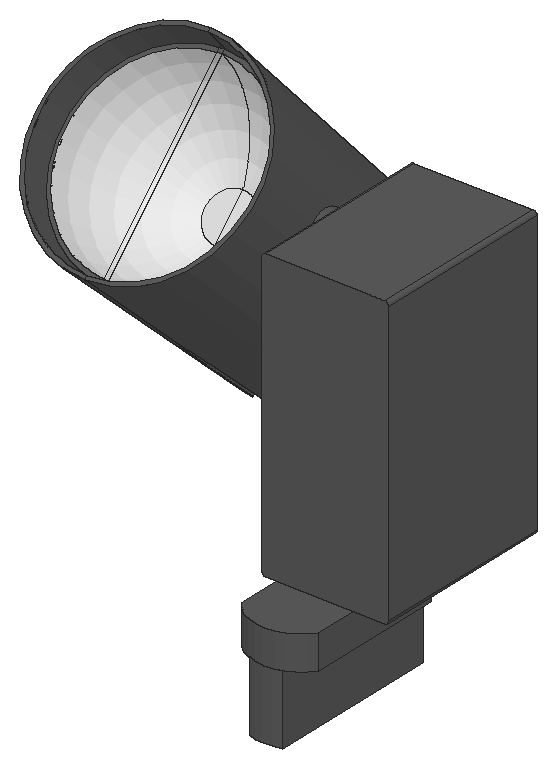
Revit family "0004939 Feilo Sylvania Lighting Fixture START TRACK SPOT S DALI 1262LM 930 MB BLK", category Lighting Fixtures, host Face, Revit 2017 (continued)
Definition of nested family "Start Track Spot Head"
  Types (96, lengths in mm): name | Wattage | built-in parameter 1150134 | Photometric Web File | Model | built-in parameter 1150105 | Lumens | built-in parameter 1150107 | built-in parameter 1150106 | HeadThickness_FEILO | HeadRibOffset_FEILO | HeadRibDepth_FEILO | HeadRibCutWidth_FEILO | HeadRibCutOffset_FEILO | HeadReflectorRadius_FEILO | HeadReflectorOffset_FEILO | HeadLEDRadius_FEILO | HeadHeight_FEILO | HeadDiffusorOffset_FEILO | HeadDiaOut_FEILO | HeadDiaIn_FEILO | HeadAxisFromTop_FEILO | Emit from Circle Diameter | built-in parameter 1150104 | Description | Apparent Load
    0004864 START TRACK SPOT S 24W 3K RA90 WB WHITE | 24 W | (empty or 0) | "0004864.ies" | "START TRACK SPOT S 24W 3K RA90 WB WHITE" | 152.79 (stored number, unit not read) | 1920 lm | 3000 (stored number, unit not read) | 1.5279 (stored number, unit not read) | 1.5 | 4.179 | 55.714 | 7.167 | 50.87 | 50.588 | 55.714 | 9.556 | 117 | 9.435 | 86 | 77.477 | 69.354 | 77.477 | 7.4322 (stored number, unit not read) | "Integrated LED spotlight, Textured White - RAL9016, compact and minimalist design, ideal for retail applications, die-cast aluminium body, passive cooling heatsink. Beam angle: 64°, color temperature: 3000K , total system power: 24W, total fixture output: 1928 lm, LOR: 100%, colour rendering: Ra: 90 typical, LED Chromaticity: 3 step MacAdam ellipse, lifetime: >50000 hours at L70B50, energy class: A++, A+, A, IR/UV free light source without heat radiation, operating voltage: 220-240V / 50-60Hz, drive current: 600mA, electronic driver, non-dimmable, power factor: 0.95, electrical protection: Class II, Global Track 3 Phase adapter suitable for Global trac 3-circuit tracks, ingress protection rating: IP20, suitable for internal environment only, horizontal rotation: 355°, vertical tilt: 90°, dimensions: Ø86x140x200, weight: 0.966kg." | 24 VA
    0004863 START TRACK SPOT S 24W 3K RA90 MB WHITE | 24 W | (empty or 0) | "0004863.ies" | "START TRACK SPOT S 24W 3K RA90 MB WHITE" | 154.7 (stored number, unit not read) | 1944 lm | 3000 (stored number, unit not read) | 1.547 (stored number, unit not read) | 1.5 | 4.179 | 55.714 | 7.167 | 50.87 | 50.588 | 55.714 | 9.556 | 117 | 9.435 | 86 | 77.477 | 69.354 | 77.477 | 7.5251 (stored number, unit not read) | "Integrated LED spotlight, Textured White - RAL9016, compact and minimalist design, ideal for retail applications, die-cast aluminium body, passive cooling heatsink. Beam angle: 36°, color temperature: 3000K , total system power: 24W, total fixture output: 1944 lm, LOR: 100%, colour rendering: Ra: 90 typical, LED Chromaticity: 3 step MacAdam ellipse, lifetime: >50000 hours at L70B50, energy class: A++, A+, A, IR/UV free light source without heat radiation, operating voltage: 220-240V / 50-60Hz, drive current: 600mA, electronic driver, non-dimmable, power factor: 0.95, electrical protection: Class II, Global Track 3 Phase adapter suitable for Global trac 3-circuit tracks, ingress protection rating: IP20, suitable for internal environment only, horizontal rotation: 355°, vertical tilt: 90°, dimensions: Ø86x140x200, weight: 0.966kg." | 24 VA
    0004862 START TRACK SPOT S 24W 3K RA90 NB WHITE | 24 W | (empty or 0) | "0004862.ies" | "START TRACK SPOT S 24W 3K RA90 NB WHITE" | 158.52 (stored number, unit not read) | 1992 lm | 3000 (stored number, unit not read) | 1.5852 (stored number, unit not read) | 1.5 | 4.179 | 55.714 | 7.167 | 50.87 | 50.588 | 55.714 | 9.556 | 117 | 9.435 | 86 | 77.477 | 69.354 | 77.477 | 7.711 (stored number, unit not read) | "Integrated LED spotlight, Textured White - RAL9016, compact and minimalist design, ideal for retail applications, die-cast aluminium body, passive cooling heatsink. Beam angle: 12°, color temperature: 3000K , total system power: 24W, total fixture output: 1987 lm, LOR: 100%, colour rendering: Ra: 90 typical, LED Chromaticity: 3 step MacAdam ellipse, lifetime: >50000 hours at L70B50, energy class: A++, A+, A, IR/UV free light source without heat radiation, operating voltage: 220-240V / 50-60Hz, drive current: 600mA, electronic driver, non-dimmable, power factor: 0.95, electrical protection: Class II, Global Track 3 Phase adapter suitable for Global trac 3-circuit tracks, ingress protection rating: IP20, suitable for internal environment only, horizontal rotation: 355°, vertical tilt: 90°, dimensions: Ø86x140x200, weight: 0.966kg." | 24 VA
    0004861 START TRACK SPOT S 14W 3K RA90 WB WHITE | 14 W | (empty or 0) | "0004861.ies" | "START TRACK SPOT S 14W 3K RA90 WB WHITE" | 100.27 (stored number, unit not read) | 1260 lm | 3000 (stored number, unit not read) | 1.0027 (stored number, unit not read) | 1.5 | 4.179 | 55.714 | 7.167 | 50.87 | 50.588 | 55.714 | 9.556 | 117 | 9.435 | 86 | 77.477 | 69.354 | 77.477 | 8.3613 (stored number, unit not read) | "Integrated LED spotlight, Textured White - RAL9016, compact and minimalist design, ideal for retail applications, die-cast aluminium body, passive cooling heatsink. Beam angle: 64°, color temperature: 3000K , total system power: 14W, total fixture output: 1262 lm, LOR: 100%, colour rendering: Ra: 90 typical, LED Chromaticity: 3 step MacAdam ellipse, lifetime: >50000 hours at L70B50, energy class: A++, A+, A, IR/UV free light source without heat radiation, operating voltage: 220-240V / 50-60Hz, drive current: 350mA, electronic driver, non-dimmable, power factor: 0.92, electrical protection: Class II, Global Track 3 Phase adapter suitable for Global trac 3-circuit tracks, ingress protection rating: IP20, suitable for internal environment only, horizontal rotation: 355°, vertical tilt: 90°, dimensions: Ø86x140x200, weight: 0.940kg." | 14 VA
    0004860 START TRACK SPOT S 14W 3K RA90 MB WHITE | 14 W | (empty or 0) | "0004860.ies" | "START TRACK SPOT S 14W 3K RA90 MB WHITE" | 100.27 (stored number, unit not read) | 1260 lm | 3000 (stored number, unit not read) | 1.0027 (stored number, unit not read) | 1.5 | 4.179 | 55.714 | 7.167 | 50.87 | 50.588 | 55.714 | 9.556 | 117 | 9.435 | 86 | 77.477 | 69.354 | 77.477 | 8.3613 (stored number, unit not read) | "Integrated LED spotlight, Textured White - RAL9016, compact and minimalist design, ideal for retail applications, die-cast aluminium body, passive cooling heatsink. Beam angle: 36°, color temperature: 3000K , total system power: 14W, total fixture output: 1262 lm, LOR: 100%, colour rendering: Ra: 90 typical, LED Chromaticity: 3 step MacAdam ellipse, lifetime: >50000 hours at L70B50, energy class: A++, A+, A, IR/UV free light source without heat radiation, operating voltage: 220-240V / 50-60Hz, drive current: 350mA, electronic driver, non-dimmable, power factor: 0.92, electrical protection: Class II, Global Track 3 Phase adapter suitable for Global trac 3-circuit tracks, ingress protection rating: IP20, suitable for internal environment only, horizontal rotation: 355°, vertical tilt: 90°, dimensions: Ø86x140x200, weight: 0.940kg." | 14 VA
    0004859 START TRACK SPOT S 14W 3K RA90 NB WHITE | 14 W | (empty or 0) | "0004859.ies" | "START TRACK SPOT S 14W 3K RA90 NB WHITE" | 102.5 (stored number, unit not read) | 1288 lm | 3000 (stored number, unit not read) | 1.025 (stored number, unit not read) | 1.5 | 4.179 | 55.714 | 7.167 | 50.87 | 50.588 | 55.714 | 9.556 | 117 | 9.435 | 86 | 77.477 | 69.354 | 77.477 | 8.5471 (stored number, unit not read) | "Integrated LED spotlight, Textured White - RAL9016, compact and minimalist design, ideal for retail applications, die-cast aluminium body, passive cooling heatsink. Beam angle: 12°, color temperature: 3000K , total system power: 14W, total fixture output: 1284 lm, LOR: 100%, colour rendering: Ra: 90 typical, LED Chromaticity: 3 step MacAdam ellipse, lifetime: >50000 hours at L70B50, energy class: A++, A+, A, IR/UV free light source without heat radiation, operating voltage: 220-240V / 50-60Hz, drive current: 350mA, electronic driver, non-dimmable, power factor: 0.92, electrical protection: Class II, Global Track 3 Phase adapter suitable for Global trac 3-circuit tracks, ingress protection rating: IP20, suitable for internal environment only, horizontal rotation: 355°, vertical tilt: 90°, dimensions: Ø86x140x200, weight: 0.940kg." | 14 VA
    0004858 START TRACK SPOT L 55W 4K RA80 WB BLACK | 55 W | 12 | "0004858.ies" | "START TRACK SPOT L 55W 4K RA80 WB BLACK" | 424.55 (stored number, unit not read) | 5335 lm | 4000 (stored number, unit not read) | 4.2455 (stored number, unit not read) | 2 | 4.429 | 59.048 | 9.417 | 53.913 | 66.471 | 59.048 | 12.556 | 124 | 10 | 113 | 101.802 | 73.503 | 101.802 | 9.0116 (stored number, unit not read) | "Integrated LED spotlight, Textured Black - RAL9005, compact and minimalist design, ideal for retail applications, die-cast aluminium body, passive cooling heatsink. Beam angle: 52°, color temperature: 4000K , total system power: 55W, total fixture output: 5320 lm, LOR: 100%, colour rendering: Ra: 80 typical, LED Chromaticity: 3 step MacAdam ellipse, lifetime: >50000 hours at L70B50, energy class: A++, A+, A, IR/UV free light source without heat radiation, operating voltage: 220-240V / 50-60Hz, drive current: 1400mA, electronic driver, non-dimmable, power factor: 0.96, electrical protection: Class II, Global Track 3 Phase adapter suitable for Global trac 3-circuit tracks, ingress protection rating: IP20, suitable for internal environment only, horizontal rotation: 355°, vertical tilt: 90°, dimensions: Ø113x164x240, weight: 1.398kg." | 55 VA
    0004857 START TRACK SPOT L 55W 4K RA80 MB BLACK | 55 W | 12 | "0004857.ies" | "START TRACK SPOT L 55W 4K RA80 MB BLACK" | 428.92 (stored number, unit not read) | 5390 lm | 4000 (stored number, unit not read) | 4.2892 (stored number, unit not read) | 2 | 4.429 | 59.048 | 9.417 | 53.913 | 66.471 | 59.048 | 12.556 | 124 | 10 | 113 | 101.802 | 73.503 | 101.802 | 9.1045 (stored number, unit not read) | "Integrated LED spotlight, Textured Black - RAL9005, compact and minimalist design, ideal for retail applications, die-cast aluminium body, passive cooling heatsink. Beam angle: 38°, color temperature: 4000K , total system power: 55W, total fixture output: 5378 lm, LOR: 100%, colour rendering: Ra: 80 typical, LED Chromaticity: 3 step MacAdam ellipse, lifetime: >50000 hours at L70B50, energy class: A++, A+, A, IR/UV free light source without heat radiation, operating voltage: 220-240V / 50-60Hz, drive current: 1400mA, electronic driver, non-dimmable, power factor: 0.96, electrical protection: Class II, Global Track 3 Phase adapter suitable for Global trac 3-circuit tracks, ingress protection rating: IP20, suitable for internal environment only, horizontal rotation: 355°, vertical tilt: 90°, dimensions: Ø113x164x240, weight: 1.398kg." | 55 VA
    0004856 START TRACK SPOT L 55W 4K RA80 NB BLACK | 55 W | 12 | "0004856.ies" | "START TRACK SPOT L 55W 4K RA80 NB BLACK" | 433.3 (stored number, unit not read) | 5445 lm | 4000 (stored number, unit not read) | 4.333 (stored number, unit not read) | 2 | 4.429 | 59.048 | 9.417 | 53.913 | 66.471 | 59.048 | 12.556 | 124 | 10 | 113 | 101.802 | 73.503 | 101.802 | 9.1974 (stored number, unit not read) | "Integrated LED spotlight, Textured Black - RAL9005, compact and minimalist design, ideal for retail applications, die-cast aluminium body, passive cooling heatsink. Beam angle: 15°, color temperature: 4000K , total system power: 55W, total fixture output: 5426 lm, LOR: 100%, colour rendering: Ra: 80 typical, LED Chromaticity: 3 step MacAdam ellipse, lifetime: >50000 hours at L70B50, energy class: A++, A+, A, IR/UV free light source without heat radiation, operating voltage: 220-240V / 50-60Hz, drive current: 1400mA, electronic driver, non-dimmable, power factor: 0.96, electrical protection: Class II, Global Track 3 Phase adapter suitable for Global trac 3-circuit tracks, ingress protection rating: IP20, suitable for internal environment only, horizontal rotation: 355°, vertical tilt: 90°, dimensions: Ø113x164x240, weight: 1.398kg." | 55 VA
    0004855 START TRACK SPOT L 35W 4K RA80 WB BLACK | 35 W | 12 | "0004855.ies" | "START TRACK SPOT L 35W 4K RA80 WB BLACK" | 320.3 (stored number, unit not read) | 4025 lm | 4000 (stored number, unit not read) | 3.203 (stored number, unit not read) | 2 | 4.429 | 59.048 | 9.417 | 53.913 | 66.471 | 59.048 | 12.556 | 124 | 10 | 113 | 101.802 | 73.503 | 101.802 | 10.684 (stored number, unit not read) | "Integrated LED spotlight, Textured Black - RAL9005, compact and minimalist design, ideal for retail applications, die-cast aluminium body, passive cooling heatsink. Beam angle: 52°, color temperature: 4000K , total system power: 35W, total fixture output: 4010 lm, LOR: 100%, colour rendering: Ra: 80 typical, LED Chromaticity: 3 step MacAdam ellipse, lifetime: >50000 hours at L70B50, energy class: A++, A+, A, IR/UV free light source without heat radiation, operating voltage: 220-240V / 50-60Hz, drive current: 900mA, electronic driver, non-dimmable, power factor: 0.93, electrical protection: Class II, Global Track 3 Phase adapter suitable for Global trac 3-circuit tracks, ingress protection rating: IP20, suitable for internal environment only, horizontal rotation: 355°, vertical tilt: 90°, dimensions: Ø113x164x240, weight: 1.368kg." | 35 VA
    0004854 START TRACK SPOT L 35W 4K RA80 MB BLACK | 35 W | 12 | "0004854.ies" | "START TRACK SPOT L 35W 4K RA80 MB BLACK" | 320.3 (stored number, unit not read) | 4025 lm | 4000 (stored number, unit not read) | 3.203 (stored number, unit not read) | 2 | 4.429 | 59.048 | 9.417 | 53.913 | 66.471 | 59.048 | 12.556 | 124 | 10 | 113 | 101.802 | 73.503 | 101.802 | 10.684 (stored number, unit not read) | "Integrated LED spotlight, Textured Black - RAL9005, compact and minimalist design, ideal for retail applications, die-cast aluminium body, passive cooling heatsink. Beam angle: 38°, color temperature: 4000K , total system power: 35W, total fixture output: 4017 lm, LOR: 100%, colour rendering: Ra: 80 typical, LED Chromaticity: 3 step MacAdam ellipse, lifetime: >50000 hours at L70B50, energy class: A++, A+, A, IR/UV free light source without heat radiation, operating voltage: 220-240V / 50-60Hz, drive current: 900mA, electronic driver, non-dimmable, power factor: 0.93, electrical protection: Class II, Global Track 3 Phase adapter suitable for Global trac 3-circuit tracks, ingress protection rating: IP20, suitable for internal environment only, horizontal rotation: 355°, vertical tilt: 90°, dimensions: Ø113x164x240, weight: 1.368kg." | 35 VA
    0004853 START TRACK SPOT L 35W 4K RA80 NB BLACK | 35 W | 12 | "0004853.ies" | "START TRACK SPOT L 35W 4K RA80 NB BLACK" | 331.44 (stored number, unit not read) | 4165 lm | 4000 (stored number, unit not read) | 3.3144 (stored number, unit not read) | 2 | 4.429 | 59.048 | 9.417 | 53.913 | 66.471 | 59.048 | 12.556 | 124 | 10 | 113 | 101.802 | 73.503 | 101.802 | 11.055 (stored number, unit not read) | "Integrated LED spotlight, Textured Black - RAL9005, compact and minimalist design, ideal for retail applications, die-cast aluminium body, passive cooling heatsink. Beam angle: 15°, color temperature: 4000K , total system power: 35W, total fixture output: 4174 lm, LOR: 100%, colour rendering: Ra: 80 typical, LED Chromaticity: 3 step MacAdam ellipse, lifetime: >50000 hours at L70B50, energy class: A++, A+, A, IR/UV free light source without heat radiation, operating voltage: 220-240V / 50-60Hz, drive current: 900mA, electronic driver, non-dimmable, power factor: 0.93, electrical protection: Class II, Global Track 3 Phase adapter suitable for Global trac 3-circuit tracks, ingress protection rating: IP20, suitable for internal environment only, horizontal rotation: 355°, vertical tilt: 90°, dimensions: Ø113x164x240, weight: 1.368kg." | 35 VA
    0004852 START TRACK SPOT S 24W 4K RA80 WB BLACK | 24 W | 12 | "0004852.ies" | "START TRACK SPOT S 24W 4K RA80 WB BLACK" | 196.72 (stored number, unit not read) | 2472 lm | 4000 (stored number, unit not read) | 1.9672 (stored number, unit not read) | 1.5 | 4.179 | 55.714 | 7.167 | 50.87 | 50.588 | 55.714 | 9.556 | 117 | 9.435 | 86 | 77.477 | 69.354 | 77.477 | 9.569 (stored number, unit not read) | "Integrated LED spotlight, Textured Black - RAL9005, compact and minimalist design, ideal for retail applications, die-cast aluminium body, passive cooling heatsink. Beam angle: 64°, color temperature: 4000K , total system power: 24W, total fixture output: 2476 lm, LOR: 100%, colour rendering: Ra: 80 typical, LED Chromaticity: 3 step MacAdam ellipse, lifetime: >50000 hours at L70B50, energy class: A++, A+, A, IR/UV free light source without heat radiation, operating voltage: 220-240V / 50-60Hz, drive current: 600mA, electronic driver, non-dimmable, power factor: 0.95, electrical protection: Class II, Global Track 3 Phase adapter suitable for Global trac 3-circuit tracks, ingress protection rating: IP20, suitable for internal environment only, horizontal rotation: 355°, vertical tilt: 90°, dimensions: Ø86x140x200, weight: 0.966kg." | 24 VA
    0004851 START TRACK SPOT S 24W 4K RA80 MB BLACK | 24 W | 12 | "0004851.ies" | "START TRACK SPOT S 24W 4K RA80 MB BLACK" | 198.63 (stored number, unit not read) | 2496 lm | 4000 (stored number, unit not read) | 1.9863 (stored number, unit not read) | 1.5 | 4.179 | 55.714 | 7.167 | 50.87 | 50.588 | 55.714 | 9.556 | 117 | 9.435 | 86 | 77.477 | 69.354 | 77.477 | 9.6619 (stored number, unit not read) | "Integrated LED spotlight, Textured Black - RAL9005, compact and minimalist design, ideal for retail applications, die-cast aluminium body, passive cooling heatsink. Beam angle: 36°, color temperature: 4000K , total system power: 24W, total fixture output: 2487 lm, LOR: 100%, colour rendering: Ra: 80 typical, LED Chromaticity: 3 step MacAdam ellipse, lifetime: >50000 hours at L70B50, energy class: A++, A+, A, IR/UV free light source without heat radiation, operating voltage: 220-240V / 50-60Hz, drive current: 600mA, electronic driver, non-dimmable, power factor: 0.95, electrical protection: Class II, Global Track 3 Phase adapter suitable for Global trac 3-circuit tracks, ingress protection rating: IP20, suitable for internal environment only, horizontal rotation: 355°, vertical tilt: 90°, dimensions: Ø86x140x200, weight: 0.966kg." | 24 VA
    0004850 START TRACK SPOT S 24W 4K RA80 NB BLACK | 24 W | 12 | "0004850.ies" | "START TRACK SPOT S 24W 4K RA80 NB BLACK" | 200.54 (stored number, unit not read) | 2520 lm | 4000 (stored number, unit not read) | 2.0054 (stored number, unit not read) | 1.5 | 4.179 | 55.714 | 7.167 | 50.87 | 50.588 | 55.714 | 9.556 | 117 | 9.435 | 86 | 77.477 | 69.354 | 77.477 | 9.7548 (stored number, unit not read) | "Integrated LED spotlight, Textured Black - RAL9005, compact and minimalist design, ideal for retail applications, die-cast aluminium body, passive cooling heatsink. Beam angle: 12°, color temperature: 4000K , total system power: 24W, total fixture output: 2529 lm, LOR: 100%, colour rendering: Ra: 80 typical, LED Chromaticity: 3 step MacAdam ellipse, lifetime: >50000 hours at L70B50, energy class: A++, A+, A, IR/UV free light source without heat radiation, operating voltage: 220-240V / 50-60Hz, drive current: 600mA, electronic driver, non-dimmable, power factor: 0.95, electrical protection: Class II, Global Track 3 Phase adapter suitable for Global trac 3-circuit tracks, ingress protection rating: IP20, suitable for internal environment only, horizontal rotation: 355°, vertical tilt: 90°, dimensions: Ø86x140x200, weight: 0.966kg." | 24 VA
    0004849 START TRACK SPOT S 14W 4K RA80 WB BLACK | 14 W | 12 | "0004849.ies" | "START TRACK SPOT S 14W 4K RA80 WB BLACK" | 123.66 (stored number, unit not read) | 1554 lm | 4000 (stored number, unit not read) | 1.2366 (stored number, unit not read) | 1.5 | 4.179 | 55.714 | 7.167 | 50.87 | 50.588 | 55.714 | 9.556 | 117 | 9.435 | 86 | 77.477 | 69.354 | 77.477 | 10.312 (stored number, unit not read) | "Integrated LED spotlight, Textured Black - RAL9005, compact and minimalist design, ideal for retail applications, die-cast aluminium body, passive cooling heatsink. Beam angle: 64°, color temperature: 4000K , total system power: 14W, total fixture output: 1558 lm, LOR: 100%, colour rendering: Ra: 80 typical, LED Chromaticity: 3 step MacAdam ellipse, lifetime: >50000 hours at L70B50, energy class: A++, A+, A, IR/UV free light source without heat radiation, operating voltage: 220-240V / 50-60Hz, drive current: 350mA, electronic driver, non-dimmable, power factor: 0.92, electrical protection: Class II, Global Track 3 Phase adapter suitable for Global trac 3-circuit tracks, ingress protection rating: IP20, suitable for internal environment only, horizontal rotation: 355°, vertical tilt: 90°, dimensions: Ø86x140x200, weight: 0.940kg." | 14 VA
    0004848 START TRACK SPOT S 14W 4K RA80 MB BLACK | 14 W | 12 | "0004848.ies" | "START TRACK SPOT S 14W 4K RA80 MB BLACK" | 127.01 (stored number, unit not read) | 1596 lm | 4000 (stored number, unit not read) | 1.2701 (stored number, unit not read) | 1.5 | 4.179 | 55.714 | 7.167 | 50.87 | 50.588 | 55.714 | 9.556 | 117 | 9.435 | 86 | 77.477 | 69.354 | 77.477 | 10.591 (stored number, unit not read) | "Integrated LED spotlight, Textured Black - RAL9005, compact and minimalist design, ideal for retail applications, die-cast aluminium body, passive cooling heatsink. Beam angle: 36°, color temperature: 4000K , total system power: 14W, total fixture output: 1598 lm, LOR: 100%, colour rendering: Ra: 80 typical, LED Chromaticity: 3 step MacAdam ellipse, lifetime: >50000 hours at L70B50, energy class: A++, A+, A, IR/UV free light source without heat radiation, operating voltage: 220-240V / 50-60Hz, drive current: 350mA, electronic driver, non-dimmable, power factor: 0.92, electrical protection: Class II, Global Track 3 Phase adapter suitable for Global trac 3-circuit tracks, ingress protection rating: IP20, suitable for internal environment only, horizontal rotation: 355°, vertical tilt: 90°, dimensions: Ø86x140x200, weight: 0.940kg." | 14 VA
    0004847 START TRACK SPOT S 14W 4K RA80 NB BLACK | 14 W | 12 | "0004847.ies" | "START TRACK SPOT S 14W 4K RA80 NB BLACK" | 128.12 (stored number, unit not read) | 1610 lm | 4000 (stored number, unit not read) | 1.2812 (stored number, unit not read) | 1.5 | 4.179 | 55.714 | 7.167 | 50.87 | 50.588 | 55.714 | 9.556 | 117 | 9.435 | 86 | 77.477 | 69.354 | 77.477 | 10.684 (stored number, unit not read) | "Integrated LED spotlight, Textured Black - RAL9005, compact and minimalist design, ideal for retail applications, die-cast aluminium body, passive cooling heatsink. Beam angle: 12°, color temperature: 4000K , total system power: 14W, total fixture output: 1608 lm, LOR: 100%, colour rendering: Ra: 80 typical, LED Chromaticity: 3 step MacAdam ellipse, lifetime: >50000 hours at L70B50, energy class: A++, A+, A, IR/UV free light source without heat radiation, operating voltage: 220-240V / 50-60Hz, drive current: 350mA, electronic driver, non-dimmable, power factor: 0.92, electrical protection: Class II, Global Track 3 Phase adapter suitable for Global trac 3-circuit tracks, ingress protection rating: IP20, suitable for internal environment only, horizontal rotation: 355°, vertical tilt: 90°, dimensions: Ø86x140x200, weight: 0.940kg." | 14 VA
    0004846 START TRACK SPOT L 55W 3K RA80 WB BLACK | 55 W | (empty or 0) | "0004846.ies" | "START TRACK SPOT L 55W 3K RA80 WB BLACK" | 420.17 (stored number, unit not read) | 5280 lm | 3000 (stored number, unit not read) | 4.2017 (stored number, unit not read) | 2 | 4.429 | 59.048 | 9.417 | 53.913 | 66.471 | 59.048 | 12.556 | 124 | 10 | 113 | 101.802 | 73.503 | 101.802 | 8.9187 (stored number, unit not read) | "Integrated LED spotlight, Textured Black - RAL9005, compact and minimalist design, ideal for retail applications, die-cast aluminium body, passive cooling heatsink. Beam angle: 52°, color temperature: 3000K , total system power: 55W, total fixture output: 5298 lm, LOR: 100%, colour rendering: Ra: 80 typical, LED Chromaticity: 3 step MacAdam ellipse, lifetime: >50000 hours at L70B50, energy class: A++, A+, A, IR/UV free light source without heat radiation, operating voltage: 220-240V / 50-60Hz, drive current: 1400mA, electronic driver, non-dimmable, power factor: 0.96, electrical protection: Class II, Global Track 3 Phase adapter suitable for Global trac 3-circuit tracks, ingress protection rating: IP20, suitable for internal environment only, horizontal rotation: 355°, vertical tilt: 90°, dimensions: Ø113x164x240, weight: 1.398kg." | 55 VA
    0004845 START TRACK SPOT L 55W 3K RA80 MB BLACK | 55 W | (empty or 0) | "0004845.ies" | "START TRACK SPOT L 55W 3K RA80 MB BLACK" | 428.92 (stored number, unit not read) | 5390 lm | 3000 (stored number, unit not read) | 4.2892 (stored number, unit not read) | 2 | 4.429 | 59.048 | 9.417 | 53.913 | 66.471 | 59.048 | 12.556 | 124 | 10 | 113 | 101.802 | 73.503 | 101.802 | 9.1045 (stored number, unit not read) | "Integrated LED spotlight, Textured Black - RAL9005, compact and minimalist design, ideal for retail applications, die-cast aluminium body, passive cooling heatsink. Beam angle: 38°, color temperature: 3000K , total system power: 55W, total fixture output: 5381 lm, LOR: 100%, colour rendering: Ra: 80 typical, LED Chromaticity: 3 step MacAdam ellipse, lifetime: >50000 hours at L70B50, energy class: A++, A+, A, IR/UV free light source without heat radiation, operating voltage: 220-240V / 50-60Hz, drive current: 1400mA, electronic driver, non-dimmable, power factor: 0.96, electrical protection: Class II, Global Track 3 Phase adapter suitable for Global trac 3-circuit tracks, ingress protection rating: IP20, suitable for internal environment only, horizontal rotation: 355°, vertical tilt: 90°, dimensions: Ø113x164x240, weight: 1.398kg." | 55 VA
    0004844 START TRACK SPOT L 55W 3K RA80 NB BLACK | 55 W | (empty or 0) | "0004844.ies" | "START TRACK SPOT L 55W 3K RA80 NB BLACK" | 433.3 (stored number, unit not read) | 5445 lm | 3000 (stored number, unit not read) | 4.333 (stored number, unit not read) | 2 | 4.429 | 59.048 | 9.417 | 53.913 | 66.471 | 59.048 | 12.556 | 124 | 10 | 113 | 101.802 | 73.503 | 101.802 | 9.1974 (stored number, unit not read) | "Integrated LED spotlight, Textured Black - RAL9005, compact and minimalist design, ideal for retail applications, die-cast aluminium body, passive cooling heatsink. Beam angle: 15°, color temperature: 3000K , total system power: 55W, total fixture output: 5449 lm, LOR: 100%, colour rendering: Ra: 80 typical, LED Chromaticity: 3 step MacAdam ellipse, lifetime: >50000 hours at L70B50, energy class: A++, A+, A, IR/UV free light source without heat radiation, operating voltage: 220-240V / 50-60Hz, drive current: 1400mA, electronic driver, non-dimmable, power factor: 0.96, electrical protection: Class II, Global Track 3 Phase adapter suitable for Global trac 3-circuit tracks, ingress protection rating: IP20, suitable for internal environment only, horizontal rotation: 355°, vertical tilt: 90°, dimensions: Ø113x164x240, weight: 1.398kg." | 55 VA
    0004843 START TRACK SPOT L 35W 3K RA80 WB BLACK | 35 W | (empty or 0) | "0004843.ies" | "START TRACK SPOT L 35W 3K RA80 WB BLACK" | 314.73 (stored number, unit not read) | 3955 lm | 3000 (stored number, unit not read) | 3.1473 (stored number, unit not read) | 2 | 4.429 | 59.048 | 9.417 | 53.913 | 66.471 | 59.048 | 12.556 | 124 | 10 | 113 | 101.802 | 73.503 | 101.802 | 10.498 (stored number, unit not read) | "Integrated LED spotlight, Textured Black - RAL9005, compact and minimalist design, ideal for retail applications, die-cast aluminium body, passive cooling heatsink. Beam angle: 52°, color temperature: 3000K , total system power: 35W, total fixture output: 3943 lm, LOR: 100%, colour rendering: Ra: 80 typical, LED Chromaticity: 3 step MacAdam ellipse, lifetime: >50000 hours at L70B50, energy class: A++, A+, A, IR/UV free light source without heat radiation, operating voltage: 220-240V / 50-60Hz, drive current: 900mA, electronic driver, non-dimmable, power factor: 0.93, electrical protection: Class II, Global Track 3 Phase adapter suitable for Global trac 3-circuit tracks, ingress protection rating: IP20, suitable for internal environment only, horizontal rotation: 355°, vertical tilt: 90°, dimensions: Ø113x164x240, weight: 1.368kg." | 35 VA
    0004842 START TRACK SPOT L 35W 3K RA80 MB BLACK | 35 W | (empty or 0) | "0004842.ies" | "START TRACK SPOT L 35W 3K RA80 MB BLACK" | 320.3 (stored number, unit not read) | 4025 lm | 3000 (stored number, unit not read) | 3.203 (stored number, unit not read) | 2 | 4.429 | 59.048 | 9.417 | 53.913 | 66.471 | 59.048 | 12.556 | 124 | 10 | 113 | 101.802 | 73.503 | 101.802 | 10.684 (stored number, unit not read) | "Integrated LED spotlight, Textured Black - RAL9005, compact and minimalist design, ideal for retail applications, die-cast aluminium body, passive cooling heatsink. Beam angle: 38°, color temperature: 3000K , total system power: 35W, total fixture output: 4008 lm, LOR: 100%, colour rendering: Ra: 80 typical, LED Chromaticity: 3 step MacAdam ellipse, lifetime: >50000 hours at L70B50, energy class: A++, A+, A, IR/UV free light source without heat radiation, operating voltage: 220-240V / 50-60Hz, drive current: 900mA, electronic driver, non-dimmable, power factor: 0.93, electrical protection: Class II, Global Track 3 Phase adapter suitable for Global trac 3-circuit tracks, ingress protection rating: IP20, suitable for internal environment only, horizontal rotation: 355°, vertical tilt: 90°, dimensions: Ø113x164x240, weight: 1.368kg." | 35 VA
    0004841 START TRACK SPOT L 35W 3K RA80 NB BLACK | 35 W | (empty or 0) | "0004841.ies" | "START TRACK SPOT L 35W 3K RA80 NB BLACK" | 317.51 (stored number, unit not read) | 3990 lm | 3000 (stored number, unit not read) | 3.1751 (stored number, unit not read) | 2 | 4.429 | 59.048 | 9.417 | 53.913 | 66.471 | 59.048 | 12.556 | 124 | 10 | 113 | 101.802 | 73.503 | 101.802 | 10.591 (stored number, unit not read) | "Integrated LED spotlight, Textured Black - RAL9005, compact and minimalist design, ideal for retail applications, die-cast aluminium body, passive cooling heatsink. Beam angle: 15°, color temperature: 3000K , total system power: 35W, total fixture output: 4005 lm, LOR: 100%, colour rendering: Ra: 80 typical, LED Chromaticity: 3 step MacAdam ellipse, lifetime: >50000 hours at L70B50, energy class: A++, A+, A, IR/UV free light source without heat radiation, operating voltage: 220-240V / 50-60Hz, drive current: 900mA, electronic driver, non-dimmable, power factor: 0.93, electrical protection: Class II, Global Track 3 Phase adapter suitable for Global trac 3-circuit tracks, ingress protection rating: IP20, suitable for internal environment only, horizontal rotation: 355°, vertical tilt: 90°, dimensions: Ø113x164x240, weight: 1.368kg." | 35 VA
    0004840 START TRACK SPOT S 24W 3K RA80 WB BLACK | 24 W | (empty or 0) | "0004840.ies" | "START TRACK SPOT S 24W 3K RA80 WB BLACK" | 185.26 (stored number, unit not read) | 2328 lm | 3000 (stored number, unit not read) | 1.8526 (stored number, unit not read) | 1.5 | 4.179 | 55.714 | 7.167 | 50.87 | 50.588 | 55.714 | 9.556 | 117 | 9.435 | 86 | 77.477 | 69.354 | 77.477 | 9.0116 (stored number, unit not read) | "Integrated LED spotlight, Textured Black - RAL9005, compact and minimalist design, ideal for retail applications, die-cast aluminium body, passive cooling heatsink. Beam angle: 64°, color temperature: 3000K , total system power: 24W, total fixture output: 2318 lm, LOR: 100%, colour rendering: Ra: 80 typical, LED Chromaticity: 3 step MacAdam ellipse, lifetime: >50000 hours at L70B50, energy class: A++, A+, A, IR/UV free light source without heat radiation, operating voltage: 220-240V / 50-60Hz, drive current: 600mA, electronic driver, non-dimmable, power factor: 0.95, electrical protection: Class II, Global Track 3 Phase adapter suitable for Global trac 3-circuit tracks, ingress protection rating: IP20, suitable for internal environment only, horizontal rotation: 355°, vertical tilt: 90°, dimensions: Ø86x140x200, weight: 0.966kg." | 24 VA
    0004839 START TRACK SPOT S 24W 3K RA80 MB BLACK | 24 W | (empty or 0) | "0004839.ies" | "START TRACK SPOT S 24W 3K RA80 MB BLACK" | 183.35 (stored number, unit not read) | 2304 lm | 3000 (stored number, unit not read) | 1.8335 (stored number, unit not read) | 1.5 | 4.179 | 55.714 | 7.167 | 50.87 | 50.588 | 55.714 | 9.556 | 117 | 9.435 | 86 | 77.477 | 69.354 | 77.477 | 8.9187 (stored number, unit not read) | "Integrated LED spotlight, Textured Black - RAL9005, compact and minimalist design, ideal for retail applications, die-cast aluminium body, passive cooling heatsink. Beam angle: 36°, color temperature: 3000K , total system power: 24W, total fixture output: 2314 lm, LOR: 100%, colour rendering: Ra: 80 typical, LED Chromaticity: 3 step MacAdam ellipse, lifetime: >50000 hours at L70B50, energy class: A++, A+, A, IR/UV free light source without heat radiation, operating voltage: 220-240V / 50-60Hz, drive current: 600mA, electronic driver, non-dimmable, power factor: 0.95, electrical protection: Class II, Global Track 3 Phase adapter suitable for Global trac 3-circuit tracks, ingress protection rating: IP20, suitable for internal environment only, horizontal rotation: 355°, vertical tilt: 90°, dimensions: Ø86x140x200, weight: 0.966kg." | 24 VA
    0004838 START TRACK SPOT S 24W 3K RA80 NB BLACK | 24 W | (empty or 0) | "0004838.ies" | "START TRACK SPOT S 24W 3K RA80 NB BLACK" | 185.26 (stored number, unit not read) | 2328 lm | 3000 (stored number, unit not read) | 1.8526 (stored number, unit not read) | 1.5 | 4.179 | 55.714 | 7.167 | 50.87 | 50.588 | 55.714 | 9.556 | 117 | 9.435 | 86 | 77.477 | 69.354 | 77.477 | 9.0116 (stored number, unit not read) | "Integrated LED spotlight, Textured Black - RAL9005, compact and minimalist design, ideal for retail applications, die-cast aluminium body, passive cooling heatsink. Beam angle: 12°, color temperature: 3000K , total system power: 24W, total fixture output: 2334 lm, LOR: 100%, colour rendering: Ra: 80 typical, LED Chromaticity: 3 step MacAdam ellipse, lifetime: >50000 hours at L70B50, energy class: A++, A+, A, IR/UV free light source without heat radiation, operating voltage: 220-240V / 50-60Hz, drive current: 600mA, electronic driver, non-dimmable, power factor: 0.95, electrical protection: Class II, Global Track 3 Phase adapter suitable for Global trac 3-circuit tracks, ingress protection rating: IP20, suitable for internal environment only, horizontal rotation: 355°, vertical tilt: 90°, dimensions: Ø86x140x200, weight: 0.966kg." | 24 VA
    0004837 START TRACK SPOT S 14W 3K RA80 WB BLACK | 14 W | (empty or 0) | "0004837.ies" | "START TRACK SPOT S 14W 3K RA80 WB BLACK" | 119.21 (stored number, unit not read) | 1498 lm | 3000 (stored number, unit not read) | 1.1921 (stored number, unit not read) | 1.5 | 4.179 | 55.714 | 7.167 | 50.87 | 50.588 | 55.714 | 9.556 | 117 | 9.435 | 86 | 77.477 | 69.354 | 77.477 | 9.9406 (stored number, unit not read) | "Integrated LED spotlight, Textured Black - RAL9005, compact and minimalist design, ideal for retail applications, die-cast aluminium body, passive cooling heatsink. Beam angle: 64°, color temperature: 3000K , total system power: 14W, total fixture output: 1498 lm, LOR: 100%, colour rendering: Ra: 80 typical, LED Chromaticity: 3 step MacAdam ellipse, lifetime: >50000 hours at L70B50, energy class: A++, A+, A, IR/UV free light source without heat radiation, operating voltage: 220-240V / 50-60Hz, drive current: 350mA, electronic driver, non-dimmable, power factor: 0.92, electrical protection: Class II, Global Track 3 Phase adapter suitable for Global trac 3-circuit tracks, ingress protection rating: IP20, suitable for internal environment only, horizontal rotation: 355°, vertical tilt: 90°, dimensions: Ø86x140x200, weight: 0.940kg." | 14 VA
    0004836 START TRACK SPOT S 14W 3K RA80 MB BLACK | 14 W | (empty or 0) | "0004836.ies" | "START TRACK SPOT S 14W 3K RA80 MB BLACK" | 120.32 (stored number, unit not read) | 1512 lm | 3000 (stored number, unit not read) | 1.2032 (stored number, unit not read) | 1.5 | 4.179 | 55.714 | 7.167 | 50.87 | 50.588 | 55.714 | 9.556 | 117 | 9.435 | 86 | 77.477 | 69.354 | 77.477 | 10.034 (stored number, unit not read) | "Integrated LED spotlight, Textured Black - RAL9005, compact and minimalist design, ideal for retail applications, die-cast aluminium body, passive cooling heatsink. Beam angle: 36°, color temperature: 3000K , total system power: 14W, total fixture output: 1508 lm, LOR: 100%, colour rendering: Ra: 80 typical, LED Chromaticity: 3 step MacAdam ellipse, lifetime: >50000 hours at L70B50, energy class: A++, A+, A, IR/UV free light source without heat radiation, operating voltage: 220-240V / 50-60Hz, drive current: 350mA, electronic driver, non-dimmable, power factor: 0.92, electrical protection: Class II, Global Track 3 Phase adapter suitable for Global trac 3-circuit tracks, ingress protection rating: IP20, suitable for internal environment only, horizontal rotation: 355°, vertical tilt: 90°, dimensions: Ø86x140x200, weight: 0.940kg." | 14 VA
    0004835 START TRACK SPOT S 14W 3K RA80 NB BLACK | 14 W | (empty or 0) | "0004835.ies" | "START TRACK SPOT S 14W 3K RA80 NB BLACK" | 123.66 (stored number, unit not read) | 1554 lm | 3000 (stored number, unit not read) | 1.2366 (stored number, unit not read) | 1.5 | 4.179 | 55.714 | 7.167 | 50.87 | 50.588 | 55.714 | 9.556 | 117 | 9.435 | 86 | 77.477 | 69.354 | 77.477 | 10.312 (stored number, unit not read) | "Integrated LED spotlight, Textured Black - RAL9005, compact and minimalist design, ideal for retail applications, die-cast aluminium body, passive cooling heatsink. Beam angle: 12°, color temperature: 3000K , total system power: 14W, total fixture output: 1551 lm, LOR: 100%, colour rendering: Ra: 80 typical, LED Chromaticity: 3 step MacAdam ellipse, lifetime: >50000 hours at L70B50, energy class: A++, A+, A, IR/UV free light source without heat radiation, operating voltage: 220-240V / 50-60Hz, drive current: 350mA, electronic driver, non-dimmable, power factor: 0.92, electrical protection: Class II, Global Track 3 Phase adapter suitable for Global trac 3-circuit tracks, ingress protection rating: IP20, suitable for internal environment only, horizontal rotation: 355°, vertical tilt: 90°, dimensions: Ø86x140x200, weight: 0.940kg." | 14 VA
    0004834 START TRACK SPOT L 55W 4K RA80 WB WHITE | 55 W | 12 | "0004834.ies" | "START TRACK SPOT L 55W 4K RA80 WB WHITE" | 424.55 (stored number, unit not read) | 5335 lm | 4000 (stored number, unit not read) | 4.2455 (stored number, unit not read) | 2 | 4.429 | 59.048 | 9.417 | 53.913 | 66.471 | 59.048 | 12.556 | 124 | 10 | 113 | 101.802 | 73.503 | 101.802 | 9.0116 (stored number, unit not read) | "Integrated LED spotlight, Textured White - RAL9016, compact and minimalist design, ideal for retail applications, die-cast aluminium body, passive cooling heatsink. Beam angle: 52°, color temperature: 4000K , total system power: 55W, total fixture output: 5320 lm, LOR: 100%, colour rendering: Ra: 80 typical, LED Chromaticity: 3 step MacAdam ellipse, lifetime: >50000 hours at L70B50, energy class: A++, A+, A, IR/UV free light source without heat radiation, operating voltage: 220-240V / 50-60Hz, drive current: 1400mA, electronic driver, non-dimmable, power factor: 0.96, electrical protection: Class II, Global Track 3 Phase adapter suitable for Global trac 3-circuit tracks, ingress protection rating: IP20, suitable for internal environment only, horizontal rotation: 355°, vertical tilt: 90°, dimensions: Ø113x164x240, weight: 1.398kg." | 55 VA
    0004833 START TRACK SPOT L 55W 4K RA80 MB WHITE | 55 W | 12 | "0004833.ies" | "START TRACK SPOT L 55W 4K RA80 MB WHITE" | 428.92 (stored number, unit not read) | 5390 lm | 4000 (stored number, unit not read) | 4.2892 (stored number, unit not read) | 2 | 4.429 | 59.048 | 9.417 | 53.913 | 66.471 | 59.048 | 12.556 | 124 | 10 | 113 | 101.802 | 73.503 | 101.802 | 9.1045 (stored number, unit not read) | "Integrated LED spotlight, Textured White - RAL9016, compact and minimalist design, ideal for retail applications, die-cast aluminium body, passive cooling heatsink. Beam angle: 38°, color temperature: 4000K , total system power: 55W, total fixture output: 5378 lm, LOR: 100%, colour rendering: Ra: 80 typical, LED Chromaticity: 3 step MacAdam ellipse, lifetime: >50000 hours at L70B50, energy class: A++, A+, A, IR/UV free light source without heat radiation, operating voltage: 220-240V / 50-60Hz, drive current: 1400mA, electronic driver, non-dimmable, power factor: 0.96, electrical protection: Class II, Global Track 3 Phase adapter suitable for Global trac 3-circuit tracks, ingress protection rating: IP20, suitable for internal environment only, horizontal rotation: 355°, vertical tilt: 90°, dimensions: Ø113x164x240, weight: 1.398kg." | 55 VA
    0004832 START TRACK SPOT L 55W 4K RA80 NB WHITE | 55 W | 12 | "0004832.ies" | "START TRACK SPOT L 55W 4K RA80 NB WHITE" | 433.3 (stored number, unit not read) | 5445 lm | 4000 (stored number, unit not read) | 4.333 (stored number, unit not read) | 2 | 4.429 | 59.048 | 9.417 | 53.913 | 66.471 | 59.048 | 12.556 | 124 | 10 | 113 | 101.802 | 73.503 | 101.802 | 9.1974 (stored number, unit not read) | "Integrated LED spotlight, Textured White - RAL9016, compact and minimalist design, ideal for retail applications, die-cast aluminium body, passive cooling heatsink. Beam angle: 15°, color temperature: 4000K , total system power: 55W, total fixture output: 5426 lm, LOR: 100%, colour rendering: Ra: 80 typical, LED Chromaticity: 3 step MacAdam ellipse, lifetime: >50000 hours at L70B50, energy class: A++, A+, A, IR/UV free light source without heat radiation, operating voltage: 220-240V / 50-60Hz, drive current: 1400mA, electronic driver, non-dimmable, power factor: 0.96, electrical protection: Class II, Global Track 3 Phase adapter suitable for Global trac 3-circuit tracks, ingress protection rating: IP20, suitable for internal environment only, horizontal rotation: 355°, vertical tilt: 90°, dimensions: Ø113x164x240, weight: 1.398kg." | 55 VA
    0004831 START TRACK SPOT L 35W 4K RA80 WB WHITE | 35 W | 12 | "0004831.ies" | "START TRACK SPOT L 35W 4K RA80 WB WHITE" | 320.3 (stored number, unit not read) | 4025 lm | 4000 (stored number, unit not read) | 3.203 (stored number, unit not read) | 2 | 4.429 | 59.048 | 9.417 | 53.913 | 66.471 | 59.048 | 12.556 | 124 | 10 | 113 | 101.802 | 73.503 | 101.802 | 10.684 (stored number, unit not read) | "Integrated LED spotlight, Textured White - RAL9016, compact and minimalist design, ideal for retail applications, die-cast aluminium body, passive cooling heatsink. Beam angle: 52°, color temperature: 4000K , total system power: 35W, total fixture output: 4010 lm, LOR: 100%, colour rendering: Ra: 80 typical, LED Chromaticity: 3 step MacAdam ellipse, lifetime: >50000 hours at L70B50, energy class: A++, A+, A, IR/UV free light source without heat radiation, operating voltage: 220-240V / 50-60Hz, drive current: 900mA, electronic driver, non-dimmable, power factor: 0.93, electrical protection: Class II, Global Track 3 Phase adapter suitable for Global trac 3-circuit tracks, ingress protection rating: IP20, suitable for internal environment only, horizontal rotation: 355°, vertical tilt: 90°, dimensions: Ø113x164x240, weight: 1.368kg." | 35 VA
    0004830 START TRACK SPOT L 35W 4K RA80 MB WHITE | 35 W | 12 | "0004830.ies" | "START TRACK SPOT L 35W 4K RA80 MB WHITE" | 320.3 (stored number, unit not read) | 4025 lm | 4000 (stored number, unit not read) | 3.203 (stored number, unit not read) | 2 | 4.429 | 59.048 | 9.417 | 53.913 | 66.471 | 59.048 | 12.556 | 124 | 10 | 113 | 101.802 | 73.503 | 101.802 | 10.684 (stored number, unit not read) | "Integrated LED spotlight, Textured White - RAL9016, compact and minimalist design, ideal for retail applications, die-cast aluminium body, passive cooling heatsink. Beam angle: 38°, color temperature: 4000K , total system power: 35W, total fixture output: 4017 lm, LOR: 100%, colour rendering: Ra: 80 typical, LED Chromaticity: 3 step MacAdam ellipse, lifetime: >50000 hours at L70B50, energy class: A++, A+, A, IR/UV free light source without heat radiation, operating voltage: 220-240V / 50-60Hz, drive current: 900mA, electronic driver, non-dimmable, power factor: 0.93, electrical protection: Class II, Global Track 3 Phase adapter suitable for Global trac 3-circuit tracks, ingress protection rating: IP20, suitable for internal environment only, horizontal rotation: 355°, vertical tilt: 90°, dimensions: Ø113x164x240, weight: 1.368kg." | 35 VA
    0004829 START TRACK SPOT L 35W 4K RA80 NB WHITE | 35 W | 12 | "0004829.ies" | "START TRACK SPOT L 35W 4K RA80 NB WHITE" | 331.44 (stored number, unit not read) | 4165 lm | 4000 (stored number, unit not read) | 3.3144 (stored number, unit not read) | 2 | 4.429 | 59.048 | 9.417 | 53.913 | 66.471 | 59.048 | 12.556 | 124 | 10 | 113 | 101.802 | 73.503 | 101.802 | 11.055 (stored number, unit not read) | "Integrated LED spotlight, Textured White - RAL9016, compact and minimalist design, ideal for retail applications, die-cast aluminium body, passive cooling heatsink. Beam angle: 15°, color temperature: 4000K , total system power: 35W, total fixture output: 4174 lm, LOR: 100%, colour rendering: Ra: 80 typical, LED Chromaticity: 3 step MacAdam ellipse, lifetime: >50000 hours at L70B50, energy class: A++, A+, A, IR/UV free light source without heat radiation, operating voltage: 220-240V / 50-60Hz, drive current: 900mA, electronic driver, non-dimmable, power factor: 0.93, electrical protection: Class II, Global Track 3 Phase adapter suitable for Global trac 3-circuit tracks, ingress protection rating: IP20, suitable for internal environment only, horizontal rotation: 355°, vertical tilt: 90°, dimensions: Ø113x164x240, weight: 1.368kg." | 35 VA
    0004828 START TRACK SPOT S 24W 4K RA80 WB WHITE | 24 W | 12 | "0004828.ies" | "START TRACK SPOT S 24W 4K RA80 WB WHITE" | 196.72 (stored number, unit not read) | 2472 lm | 4000 (stored number, unit not read) | 1.9672 (stored number, unit not read) | 1.5 | 4.179 | 55.714 | 7.167 | 50.87 | 50.588 | 55.714 | 9.556 | 117 | 9.435 | 86 | 77.477 | 69.354 | 77.477 | 9.569 (stored number, unit not read) | "Integrated LED spotlight, Textured White - RAL9016, compact and minimalist design, ideal for retail applications, die-cast aluminium body, passive cooling heatsink. Beam angle: 64°, color temperature: 4000K , total system power: 24W, total fixture output: 2476 lm, LOR: 100%, colour rendering: Ra: 80 typical, LED Chromaticity: 3 step MacAdam ellipse, lifetime: >50000 hours at L70B50, energy class: A++, A+, A, IR/UV free light source without heat radiation, operating voltage: 220-240V / 50-60Hz, drive current: 600mA, electronic driver, non-dimmable, power factor: 0.95, electrical protection: Class II, Global Track 3 Phase adapter suitable for Global trac 3-circuit tracks, ingress protection rating: IP20, suitable for internal environment only, horizontal rotation: 355°, vertical tilt: 90°, dimensions: Ø86x140x200, weight: 0.966kg." | 24 VA
    0004827 START TRACK SPOT S 24W 4K RA80 MB WHITE | 24 W | 12 | "0004827.ies" | "START TRACK SPOT S 24W 4K RA80 MB WHITE" | 198.63 (stored number, unit not read) | 2496 lm | 4000 (stored number, unit not read) | 1.9863 (stored number, unit not read) | 1.5 | 4.179 | 55.714 | 7.167 | 50.87 | 50.588 | 55.714 | 9.556 | 117 | 9.435 | 86 | 77.477 | 69.354 | 77.477 | 9.6619 (stored number, unit not read) | "Integrated LED spotlight, Textured White - RAL9016, compact and minimalist design, ideal for retail applications, die-cast aluminium body, passive cooling heatsink. Beam angle: 36°, color temperature: 4000K , total system power: 24W, total fixture output: 2487 lm, LOR: 100%, colour rendering: Ra: 80 typical, LED Chromaticity: 3 step MacAdam ellipse, lifetime: >50000 hours at L70B50, energy class: A++, A+, A, IR/UV free light source without heat radiation, operating voltage: 220-240V / 50-60Hz, drive current: 600mA, electronic driver, non-dimmable, power factor: 0.95, electrical protection: Class II, Global Track 3 Phase adapter suitable for Global trac 3-circuit tracks, ingress protection rating: IP20, suitable for internal environment only, horizontal rotation: 355°, vertical tilt: 90°, dimensions: Ø86x140x200, weight: 0.966kg." | 24 VA
    0004826 START TRACK SPOT S 24W 4K RA80 NB WHITE | 24 W | 12 | "0004826.ies" | "START TRACK SPOT S 24W 4K RA80 NB WHITE" | 200.54 (stored number, unit not read) | 2520 lm | 4000 (stored number, unit not read) | 2.0054 (stored number, unit not read) | 1.5 | 4.179 | 55.714 | 7.167 | 50.87 | 50.588 | 55.714 | 9.556 | 117 | 9.435 | 86 | 77.477 | 69.354 | 77.477 | 9.7548 (stored number, unit not read) | "Integrated LED spotlight, Textured White - RAL9016, compact and minimalist design, ideal for retail applications, die-cast aluminium body, passive cooling heatsink. Beam angle: 12°, color temperature: 4000K , total system power: 24W, total fixture output: 2529 lm, LOR: 100%, colour rendering: Ra: 80 typical, LED Chromaticity: 3 step MacAdam ellipse, lifetime: >50000 hours at L70B50, energy class: A++, A+, A, IR/UV free light source without heat radiation, operating voltage: 220-240V / 50-60Hz, drive current: 600mA, electronic driver, non-dimmable, power factor: 0.95, electrical protection: Class II, Global Track 3 Phase adapter suitable for Global trac 3-circuit tracks, ingress protection rating: IP20, suitable for internal environment only, horizontal rotation: 355°, vertical tilt: 90°, dimensions: Ø86x140x200, weight: 0.966kg." | 24 VA
    0004825 START TRACK SPOT S 14W 4K RA80 WB WHITE | 14 W | 12 | "0004825.ies" | "START TRACK SPOT S 14W 4K RA80 WB WHITE" | 123.66 (stored number, unit not read) | 1554 lm | 4000 (stored number, unit not read) | 1.2366 (stored number, unit not read) | 1.5 | 4.179 | 55.714 | 7.167 | 50.87 | 50.588 | 55.714 | 9.556 | 117 | 9.435 | 86 | 77.477 | 69.354 | 77.477 | 10.312 (stored number, unit not read) | "Integrated LED spotlight, Textured White - RAL9016, compact and minimalist design, ideal for retail applications, die-cast aluminium body, passive cooling heatsink. Beam angle: 64°, color temperature: 4000K , total system power: 14W, total fixture output: 1558 lm, LOR: 100%, colour rendering: Ra: 80 typical, LED Chromaticity: 3 step MacAdam ellipse, lifetime: >50000 hours at L70B50, energy class: A++, A+, A, IR/UV free light source without heat radiation, operating voltage: 220-240V / 50-60Hz, drive current: 350mA, electronic driver, non-dimmable, power factor: 0.92, electrical protection: Class II, Global Track 3 Phase adapter suitable for Global trac 3-circuit tracks, ingress protection rating: IP20, suitable for internal environment only, horizontal rotation: 355°, vertical tilt: 90°, dimensions: Ø86x140x200, weight: 0.940kg." | 14 VA
    0004824 START TRACK SPOT S 14W 4K RA80 MB WHITE | 14 W | 12 | "0004824.ies" | "START TRACK SPOT S 14W 4K RA80 MB WHITE" | 127.01 (stored number, unit not read) | 1596 lm | 4000 (stored number, unit not read) | 1.2701 (stored number, unit not read) | 1.5 | 4.179 | 55.714 | 7.167 | 50.87 | 50.588 | 55.714 | 9.556 | 117 | 9.435 | 86 | 77.477 | 69.354 | 77.477 | 10.591 (stored number, unit not read) | "Integrated LED spotlight, Textured White - RAL9016, compact and minimalist design, ideal for retail applications, die-cast aluminium body, passive cooling heatsink. Beam angle: 36°, color temperature: 4000K , total system power: 14W, total fixture output: 1598 lm, LOR: 100%, colour rendering: Ra: 80 typical, LED Chromaticity: 3 step MacAdam ellipse, lifetime: >50000 hours at L70B50, energy class: A++, A+, A, IR/UV free light source without heat radiation, operating voltage: 220-240V / 50-60Hz, drive current: 350mA, electronic driver, non-dimmable, power factor: 0.92, electrical protection: Class II, Global Track 3 Phase adapter suitable for Global trac 3-circuit tracks, ingress protection rating: IP20, suitable for internal environment only, horizontal rotation: 355°, vertical tilt: 90°, dimensions: Ø86x140x200, weight: 0.940kg." | 14 VA
    0004823 START TRACK SPOT S 14W 4K RA80 NB WHITE | 14 W | 12 | "0004823.ies" | "START TRACK SPOT S 14W 4K RA80 NB WHITE" | 128.12 (stored number, unit not read) | 1610 lm | 4000 (stored number, unit not read) | 1.2812 (stored number, unit not read) | 1.5 | 4.179 | 55.714 | 7.167 | 50.87 | 50.588 | 55.714 | 9.556 | 117 | 9.435 | 86 | 77.477 | 69.354 | 77.477 | 10.684 (stored number, unit not read) | "Integrated LED spotlight, Textured White - RAL9016, compact and minimalist design, ideal for retail applications, die-cast aluminium body, passive cooling heatsink. Beam angle: 12°, color temperature: 4000K , total system power: 14W, total fixture output: 1608 lm, LOR: 100%, colour rendering: Ra: 80 typical, LED Chromaticity: 3 step MacAdam ellipse, lifetime: >50000 hours at L70B50, energy class: A++, A+, A, IR/UV free light source without heat radiation, operating voltage: 220-240V / 50-60Hz, drive current: 350mA, electronic driver, non-dimmable, power factor: 0.92, electrical protection: Class II, Global Track 3 Phase adapter suitable for Global trac 3-circuit tracks, ingress protection rating: IP20, suitable for internal environment only, horizontal rotation: 355°, vertical tilt: 90°, dimensions: Ø86x140x200, weight: 0.940kg." | 14 VA
    0004822 START TRACK SPOT L 55W 3K RA80 WB WHITE | 55 W | (empty or 0) | "0004822.ies" | "START TRACK SPOT L 55W 3K RA80 WB WHITE" | 420.17 (stored number, unit not read) | 5280 lm | 3000 (stored number, unit not read) | 4.2017 (stored number, unit not read) | 2 | 4.429 | 59.048 | 9.417 | 53.913 | 66.471 | 59.048 | 12.556 | 124 | 10 | 113 | 101.802 | 73.503 | 101.802 | 8.9187 (stored number, unit not read) | "Integrated LED spotlight, Textured White - RAL9016, compact and minimalist design, ideal for retail applications, die-cast aluminium body, passive cooling heatsink. Beam angle: 52°, color temperature: 3000K , total system power: 55W, total fixture output: 5298 lm, LOR: 100%, colour rendering: Ra: 80 typical, LED Chromaticity: 3 step MacAdam ellipse, lifetime: >50000 hours at L70B50, energy class: A++, A+, A, IR/UV free light source without heat radiation, operating voltage: 220-240V / 50-60Hz, drive current: 1400mA, electronic driver, non-dimmable, power factor: 0.96, electrical protection: Class II, Global Track 3 Phase adapter suitable for Global trac 3-circuit tracks, ingress protection rating: IP20, suitable for internal environment only, horizontal rotation: 355°, vertical tilt: 90°, dimensions: Ø113x164x240, weight: 1.398kg." | 55 VA
    0004821 START TRACK SPOT L 55W 3K RA80 MB WHITE | 55 W | (empty or 0) | "0004821.ies" | "START TRACK SPOT L 55W 3K RA80 MB WHITE" | 428.92 (stored number, unit not read) | 5390 lm | 3000 (stored number, unit not read) | 4.2892 (stored number, unit not read) | 2 | 4.429 | 59.048 | 9.417 | 53.913 | 66.471 | 59.048 | 12.556 | 124 | 10 | 113 | 101.802 | 73.503 | 101.802 | 9.1045 (stored number, unit not read) | "Integrated LED spotlight, Textured White - RAL9016, compact and minimalist design, ideal for retail applications, die-cast aluminium body, passive cooling heatsink. Beam angle: 38°, color temperature: 3000K , total system power: 55W, total fixture output: 5381 lm, LOR: 100%, colour rendering: Ra: 80 typical, LED Chromaticity: 3 step MacAdam ellipse, lifetime: >50000 hours at L70B50, energy class: A++, A+, A, IR/UV free light source without heat radiation, operating voltage: 220-240V / 50-60Hz, drive current: 1400mA, electronic driver, non-dimmable, power factor: 0.96, electrical protection: Class II, Global Track 3 Phase adapter suitable for Global trac 3-circuit tracks, ingress protection rating: IP20, suitable for internal environment only, horizontal rotation: 355°, vertical tilt: 90°, dimensions: Ø113x164x240, weight: 1.398kg." | 55 VA
    0004820 START TRACK SPOT L 55W 3K RA80 NB WHITE | 55 W | (empty or 0) | "0004820.ies" | "START TRACK SPOT L 55W 3K RA80 NB WHITE" | 433.3 (stored number, unit not read) | 5445 lm | 3000 (stored number, unit not read) | 4.333 (stored number, unit not read) | 2 | 4.429 | 59.048 | 9.417 | 53.913 | 66.471 | 59.048 | 12.556 | 124 | 10 | 113 | 101.802 | 73.503 | 101.802 | 9.1974 (stored number, unit not read) | "Integrated LED spotlight, Textured White - RAL9016, compact and minimalist design, ideal for retail applications, die-cast aluminium body, passive cooling heatsink. Beam angle: 15°, color temperature: 3000K , total system power: 55W, total fixture output: 5449 lm, LOR: 100%, colour rendering: Ra: 80 typical, LED Chromaticity: 3 step MacAdam ellipse, lifetime: >50000 hours at L70B50, energy class: A++, A+, A, IR/UV free light source without heat radiation, operating voltage: 220-240V / 50-60Hz, drive current: 1400mA, electronic driver, non-dimmable, power factor: 0.96, electrical protection: Class II, Global Track 3 Phase adapter suitable for Global trac 3-circuit tracks, ingress protection rating: IP20, suitable for internal environment only, horizontal rotation: 355°, vertical tilt: 90°, dimensions: Ø113x164x240, weight: 1.398kg." | 55 VA
    0004819 START TRACK SPOT L 35W 3K RA80 WB WHITE | 35 W | (empty or 0) | "0004819.ies" | "START TRACK SPOT L 35W 3K RA80 WB WHITE" | 314.73 (stored number, unit not read) | 3955 lm | 3000 (stored number, unit not read) | 3.1473 (stored number, unit not read) | 2 | 4.429 | 59.048 | 9.417 | 53.913 | 66.471 | 59.048 | 12.556 | 124 | 10 | 113 | 101.802 | 73.503 | 101.802 | 10.498 (stored number, unit not read) | "Integrated LED spotlight, Textured White - RAL9016, compact and minimalist design, ideal for retail applications, die-cast aluminium body, passive cooling heatsink. Beam angle: 52°, color temperature: 3000K , total system power: 35W, total fixture output: 3943 lm, LOR: 100%, colour rendering: Ra: 80 typical, LED Chromaticity: 3 step MacAdam ellipse, lifetime: >50000 hours at L70B50, energy class: A++, A+, A, IR/UV free light source without heat radiation, operating voltage: 220-240V / 50-60Hz, drive current: 900mA, electronic driver, non-dimmable, power factor: 0.93, electrical protection: Class II, Global Track 3 Phase adapter suitable for Global trac 3-circuit tracks, ingress protection rating: IP20, suitable for internal environment only, horizontal rotation: 355°, vertical tilt: 90°, dimensions: Ø113x164x240, weight: 1.368kg." | 35 VA
    0004818 START TRACK SPOT L 35W 3K RA80 MB WHITE | 35 W | (empty or 0) | "0004818.ies" | "START TRACK SPOT L 35W 3K RA80 MB WHITE" | 320.3 (stored number, unit not read) | 4025 lm | 3000 (stored number, unit not read) | 3.203 (stored number, unit not read) | 2 | 4.429 | 59.048 | 9.417 | 53.913 | 66.471 | 59.048 | 12.556 | 124 | 10 | 113 | 101.802 | 73.503 | 101.802 | 10.684 (stored number, unit not read) | "Integrated LED spotlight, Textured White - RAL9016, compact and minimalist design, ideal for retail applications, die-cast aluminium body, passive cooling heatsink. Beam angle: 38°, color temperature: 3000K , total system power: 35W, total fixture output: 4008 lm, LOR: 100%, colour rendering: Ra: 80 typical, LED Chromaticity: 3 step MacAdam ellipse, lifetime: >50000 hours at L70B50, energy class: A++, A+, A, IR/UV free light source without heat radiation, operating voltage: 220-240V / 50-60Hz, drive current: 900mA, electronic driver, non-dimmable, power factor: 0.93, electrical protection: Class II, Global Track 3 Phase adapter suitable for Global trac 3-circuit tracks, ingress protection rating: IP20, suitable for internal environment only, horizontal rotation: 355°, vertical tilt: 90°, dimensions: Ø113x164x240, weight: 1.368kg." | 35 VA
    0004817 START TRACK SPOT L 35W 3K RA80 NB WHITE | 35 W | (empty or 0) | "0004817.ies" | "START TRACK SPOT L 35W 3K RA80 NB WHITE" | 317.51 (stored number, unit not read) | 3990 lm | 3000 (stored number, unit not read) | 3.1751 (stored number, unit not read) | 2 | 4.429 | 59.048 | 9.417 | 53.913 | 66.471 | 59.048 | 12.556 | 124 | 10 | 113 | 101.802 | 73.503 | 101.802 | 10.591 (stored number, unit not read) | "Integrated LED spotlight, Textured White - RAL9016, compact and minimalist design, ideal for retail applications, die-cast aluminium body, passive cooling heatsink. Beam angle: 15°, color temperature: 3000K , total system power: 35W, total fixture output: 4005 lm, LOR: 100%, colour rendering: Ra: 80 typical, LED Chromaticity: 3 step MacAdam ellipse, lifetime: >50000 hours at L70B50, energy class: A++, A+, A, IR/UV free light source without heat radiation, operating voltage: 220-240V / 50-60Hz, drive current: 900mA, electronic driver, non-dimmable, power factor: 0.93, electrical protection: Class II, Global Track 3 Phase adapter suitable for Global trac 3-circuit tracks, ingress protection rating: IP20, suitable for internal environment only, horizontal rotation: 355°, vertical tilt: 90°, dimensions: Ø113x164x240, weight: 1.368kg." | 35 VA
    0004816 START TRACK SPOT S 24W 3K RA80 WB WHITE | 24 W | (empty or 0) | "0004816.ies" | "START TRACK SPOT S 24W 3K RA80 WB WHITE" | 185.26 (stored number, unit not read) | 2328 lm | 3000 (stored number, unit not read) | 1.8526 (stored number, unit not read) | 1.5 | 4.179 | 55.714 | 7.167 | 50.87 | 50.588 | 55.714 | 9.556 | 117 | 9.435 | 86 | 77.477 | 69.354 | 77.477 | 9.0116 (stored number, unit not read) | "Integrated LED spotlight, Textured White - RAL9016, compact and minimalist design, ideal for retail applications, die-cast aluminium body, passive cooling heatsink. Beam angle: 64°, color temperature: 3000K , total system power: 24W, total fixture output: 2318 lm, LOR: 100%, colour rendering: Ra: 80 typical, LED Chromaticity: 3 step MacAdam ellipse, lifetime: >50000 hours at L70B50, energy class: A++, A+, A, IR/UV free light source without heat radiation, operating voltage: 220-240V / 50-60Hz, drive current: 600mA, electronic driver, non-dimmable, power factor: 0.95, electrical protection: Class II, Global Track 3 Phase adapter suitable for Global trac 3-circuit tracks, ingress protection rating: IP20, suitable for internal environment only, horizontal rotation: 355°, vertical tilt: 90°, dimensions: Ø86x140x200, weight: 0.966kg." | 24 VA
    0004815 START TRACK SPOT S 24W 3K RA80 MB WHITE | 24 W | (empty or 0) | "0004815.ies" | "START TRACK SPOT S 24W 3K RA80 MB WHITE" | 183.35 (stored number, unit not read) | 2304 lm | 3000 (stored number, unit not read) | 1.8335 (stored number, unit not read) | 1.5 | 4.179 | 55.714 | 7.167 | 50.87 | 50.588 | 55.714 | 9.556 | 117 | 9.435 | 86 | 77.477 | 69.354 | 77.477 | 8.9187 (stored number, unit not read) | "Integrated LED spotlight, Textured White - RAL9016, compact and minimalist design, ideal for retail applications, die-cast aluminium body, passive cooling heatsink. Beam angle: 36°, color temperature: 3000K , total system power: 24W, total fixture output: 2314 lm, LOR: 100%, colour rendering: Ra: 80 typical, LED Chromaticity: 3 step MacAdam ellipse, lifetime: >50000 hours at L70B50, energy class: A++, A+, A, IR/UV free light source without heat radiation, operating voltage: 220-240V / 50-60Hz, drive current: 600mA, electronic driver, non-dimmable, power factor: 0.95, electrical protection: Class II, Global Track 3 Phase adapter suitable for Global trac 3-circuit tracks, ingress protection rating: IP20, suitable for internal environment only, horizontal rotation: 355°, vertical tilt: 90°, dimensions: Ø86x140x200, weight: 0.966kg." | 24 VA
    0004814 START TRACK SPOT S 24W 3K RA80 NB WHITE | 24 W | (empty or 0) | "0004814.ies" | "START TRACK SPOT S 24W 3K RA80 NB WHITE" | 185.26 (stored number, unit not read) | 2328 lm | 3000 (stored number, unit not read) | 1.8526 (stored number, unit not read) | 1.5 | 4.179 | 55.714 | 7.167 | 50.87 | 50.588 | 55.714 | 9.556 | 117 | 9.435 | 86 | 77.477 | 69.354 | 77.477 | 9.0116 (stored number, unit not read) | "Integrated LED spotlight, Textured White - RAL9016, compact and minimalist design, ideal for retail applications, die-cast aluminium body, passive cooling heatsink. Beam angle: 12°, color temperature: 3000K , total system power: 24W, total fixture output: 2334 lm, LOR: 100%, colour rendering: Ra: 80 typical, LED Chromaticity: 3 step MacAdam ellipse, lifetime: >50000 hours at L70B50, energy class: A++, A+, A, IR/UV free light source without heat radiation, operating voltage: 220-240V / 50-60Hz, drive current: 600mA, electronic driver, non-dimmable, power factor: 0.95, electrical protection: Class II, Global Track 3 Phase adapter suitable for Global trac 3-circuit tracks, ingress protection rating: IP20, suitable for internal environment only, horizontal rotation: 355°, vertical tilt: 90°, dimensions: Ø86x140x200, weight: 0.966kg." | 24 VA
    0004813 START TRACK SPOT S 14W 3K RA80 WB WHITE | 14 W | (empty or 0) | "0004813.ies" | "START TRACK SPOT S 14W 3K RA80 WB WHITE" | 119.21 (stored number, unit not read) | 1498 lm | 3000 (stored number, unit not read) | 1.1921 (stored number, unit not read) | 1.5 | 4.179 | 55.714 | 7.167 | 50.87 | 50.588 | 55.714 | 9.556 | 117 | 9.435 | 86 | 77.477 | 69.354 | 77.477 | 9.9406 (stored number, unit not read) | "Integrated LED spotlight, Textured White - RAL9016, compact and minimalist design, ideal for retail applications, die-cast aluminium body, passive cooling heatsink. Beam angle: 64°, color temperature: 3000K , total system power: 14W, total fixture output: 1498 lm, LOR: 100%, colour rendering: Ra: 80 typical, LED Chromaticity: 3 step MacAdam ellipse, lifetime: >50000 hours at L70B50, energy class: A++, A+, A, IR/UV free light source without heat radiation, operating voltage: 220-240V / 50-60Hz, drive current: 350mA, electronic driver, non-dimmable, power factor: 0.92, electrical protection: Class II, Global Track 3 Phase adapter suitable for Global trac 3-circuit tracks, ingress protection rating: IP20, suitable for internal environment only, horizontal rotation: 355°, vertical tilt: 90°, dimensions: Ø86x140x200, weight: 0.940kg." | 14 VA
